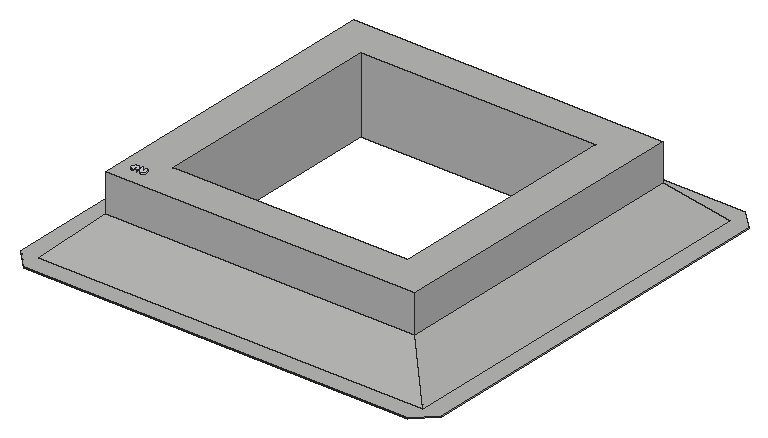
Revit family "NLRS_57_DUA_UN_roof-curb-for-bdhn-and-bdvn_LT_sacs", category Duct Accessories, Revit 2022
Family settings
  Round Connector Dimension = Use Diameter
  Part Type = Attaches To
  Work Plane-Based = No
  Always vertical = Yes
  Cut with Voids When Loaded = No
  Shared = Yes
Parameters (values of type "BDOEAR")
  Type Comments = "Insulated"
  SACS_Y_Offset2 [instance] = NLRS_M_c01_hoogte + 525 mm  # 1125 mm
  SACS_Y_Offset [instance] = NLRS_M_c01_hoogte + 27 mm  # 627 mm
  SACS_X_Offset2 [instance] = NLRS_M_c01_breedte + 525 mm  # 1125 mm
  SACS_X_Offset [instance] = NLRS_M_c01_breedte + 27 mm  # 627 mm
  SACS_Width [instance] = 600 mm
  SACS_Warning_Text_Size [instance] = if(SACS_Warning_Size, "Invalid size: sizes adjusted!", " ")  # " "
  SACS_Warning_Size [instance] = not(and(SACS_Width = NLRS_M_c01_breedte, SACS_Length = NLRS_M_c01_hoogte))  # no
  SACS_Warning_Sign [instance] = if(and(not(SACS_Disable_Warning), SACS_Warning_Size), 1 = 1, 1 = 0)  # no
  SACS_Type_Mark [instance] = ""
  SACS_Product_Cost [instance] = size_lookup(SACS_Data_Hidden, "Product_Cost", 0, SACS_Base_Index * 1 mm, SACS_Index1, SACS_Index2)  # 0
  SACS_Price_Date [instance] = size_lookup(SACS_Data_Hidden, "Date", "NB", SACS_Base_Index * 1 mm, SACS_Index1, SACS_Index2)  # "10-07-2025"
  SACS_Model [instance] = size_lookup(SACS_Data_Hidden, "Model", "NB", SACS_Base_Index * 1 mm, SACS_Index1, SACS_Index2)  # "BDOEAR 600x600"
  SACS_Material = "Seawater proof aluminium"  # constant formula
  SACS_Length [instance] = 600 mm
  SACS_Index2 [instance] = if(NLRS_M_c01_breedte > NLRS_M_c01_hoogte, NLRS_M_c01_breedte, NLRS_M_c01_hoogte)  # 600 mm
  SACS_Index1 [instance] = if(NLRS_M_c01_breedte > NLRS_M_c01_hoogte, NLRS_M_c01_hoogte, NLRS_M_c01_breedte)  # 600 mm
  SACS_Gross_Cost [instance] = SACS_Product_Cost  # 0
  SACS_Frame_2 = not(SACS_Frame_1)  # yes
  SACS_Frame_1 = if(or(SACS_Base_Index = 1, SACS_Base_Index = 3), 1 = 1, 1 = 0)  # no
  SACS_Disable_Warning [instance] = no
  SACS_Data_Hidden = "BDOEA"  # constant formula
  SACS_Base_Index = 4
  SACS_Article_Code [instance] = size_lookup(SACS_Data_Hidden, "Article", "NB", SACS_Base_Index * 1 mm, SACS_Index1, SACS_Index2)  # "NB"
  NLRS_M_c01_hoogte [instance] = if(roundup(SACS_Length / 50 mm) * 50 mm < 600 mm, 600 mm, if(roundup(SACS_Length / 50 mm) * 50 mm > 2400 mm, 2400 mm, roundup(SACS_Length / 50 mm) * 50 mm))  # 600 mm
  NLRS_M_c01_breedte [instance] = if(roundup(SACS_Width / 50 mm) * 50 mm < 600 mm, 600 mm, if(roundup(SACS_Width / 50 mm) * 50 mm > 1800 mm, 1800 mm, roundup(SACS_Width / 50 mm) * 50 mm))  # 600 mm
  NLRS_C_model [instance] = SACS_Model  # "BDOEAR 600x600"
  NLRS_C_description = Description  # "Aluminum roof curb, insulated"
  NLRS_C_content_versie = "1.22.02"  # constant formula
  NLRS_C_content_provider = "Solid Air Climate Solutions"  # constant formula
  NLRS_C_content_datum_uitgifte = "23-07-2025"  # constant formula
  NLRS_C_content_creator = "J. Feeke"  # constant formula
  Model = "Solid Air roof curb, BDOE for BDHN and BDVN"  # constant formula
  Manufacturer = "Solid Air Climate Solutions"  # constant formula
  Description = "Aluminum roof curb, insulated"
  Default Elevation = 0 mm
  Assembly Code = "57.0"
Types (3, lengths in mm): name | SACS_Model | SACS_Frame_2 | SACS_Frame_1 | SACS_Base_Index | NLRS_C_model | NLRS_C_description | Description
  (no name) | "BDOEAR 600x600" | yes | no | 4 | "BDOEAR 600x600" | "Aluminum roof curb, insulated" | "Aluminum roof curb, insulated"
  BDOEAD | "BDOEAD 600x600" | no | yes | 3 | "BDOEAD 600x600" | "Aluminum roof curb, non-insulated" | "Aluminum roof curb, non-insulated"
  BDOEAR | "BDOEAR 600x600" | yes | no | 4 | "BDOEAR 600x600" | "Aluminum roof curb, insulated" | "Aluminum roof curb, insulated"
Reference planes
  plane 1 "Center (Front/Back)": y = 0
  plane 2: z = 0
  plane 3 "Center (Left/Right)": x = 0
  plane 4: y = 313.5
  plane 5: y = -313.5
  plane 6: x = -313.5
  plane 7: x = 313.5
  plane 8: y = 562.5
  plane 9: y = -562.5
  plane 10: x = 562.5
  plane 11: x = -562.5
  plane 12: x = -512.5
  plane 13: y = -512.5
  plane 14: x = 512.5
  plane 15: y = 512.5
  plane 16: z = 200
Forms (mm)
  Sweep 1, solid, material "NLRS_57_aluminium_gen_sacs", visible <- "SACS_Frame_2"
    path in 3D
      loop
        line (-313.5, 313.5, 0) -> (313.5, 313.5, 0) -> (313.5, -313.5, 0) -> (-313.5, -313.5, 0) -> (-313.5, 313.5, 0)
    profile "Profile_BDOEAR : Profile_BDOEAR" origin (-313.5, 0, 0) x (-1, 0, 0) y (0, 0, 1)
      loop
        line (0, 200) -> (0, 0) -> (249, 0) -> (249, 2) -> (199, 2) -> (100, 100) -> (100, 200) -> (0, 200)
  Sweep 2, solid, material "NLRS_57_aluminium_gen_sacs", visible <- "SACS_Frame_1"
    path in 3D
      loop
        line (-313.5, 313.5, 0) -> (313.5, 313.5, 0) -> (313.5, -313.5, 0) -> (-313.5, -313.5, 0) -> (-313.5, 313.5, 0)
    profile "Profile_BDOEAD : Profile_BDOEAD" origin (-313.5, 0, 0) x (-1, 0, 0) y (0, 0, 1)
      loop
        line (0, 200) -> (0, 0) -> (40, 0) -> (40, 2) -> (2, 2) -> (2, 198) -> (98, 198) -> (98, 99.166) -> (198.178, 0) -> (249, 0) -> (249, 2) -> (199, 2) -> (100, 100) -> (100, 200) -> (0, 200)
  Extrusion 3, void
    sketch origin (0, 0, 0) x (1, 0, 0) y (0, 1, 0)
      loop
        line (-512.5, 562.5) -> (-562.5, 562.5) -> (-562.5, 512.5) -> (-512.5, 562.5)
      loop
        line (512.5, 562.5) -> (562.5, 512.5) -> (562.5, 562.5) -> (512.5, 562.5)
      loop
        line (562.5, -512.5) -> (512.5, -562.5) -> (562.5, -562.5) -> (562.5, -512.5)
      loop
        line (-562.5, -512.5) -> (-562.5, -562.5) -> (-512.5, -562.5) -> (-562.5, -512.5)
    from 0 to 2
Cuts and joins
  Extrusion 3 cuts Sweep 1
  Extrusion 3 cuts Sweep 2
Lines and regions (mm)
  model lines, not visible
    curve 1: line (-313.5, 313.5, 0) -> (313.5, 313.5, 0)
    curve 2: line (-313.5, -313.5, 0) -> (-313.5, 313.5, 0)
    curve 3: line (313.5, -313.5, 0) -> (-313.5, -313.5, 0)
    curve 4: line (313.5, 313.5, 0) -> (313.5, -313.5, 0)
  sketch lines
    curve 5: line (-313.5, -313.5, 0) -> (-313.5, 313.5, 0)
    curve 6: line (-313.5, 313.5, 0) -> (313.5, 313.5, 0)
    curve 7: line (313.5, 313.5, 0) -> (313.5, -313.5, 0)
    curve 8: line (313.5, -313.5, 0) -> (-313.5, -313.5, 0)
    curve 9: line (-313.5, -313.5, 0) -> (-313.5, 313.5, 0)
    curve 10: line (313.5, -313.5, 0) -> (-313.5, -313.5, 0)
    curve 11: line (313.5, 313.5, 0) -> (313.5, -313.5, 0)
    curve 12: line (-313.5, 313.5, 0) -> (313.5, 313.5, 0)
Dimensions and locks
  equal spacing: plane 6, plane 3 "Center (Left/Right)", plane 7
  equal spacing: plane 4, plane 1 "Center (Front/Back)", plane 5
  "SACS_Y_Offset": plane 4 to plane 5
  "SACS_X_Offset": plane 6 to plane 7
  equal spacing: plane 8, plane 1 "Center (Front/Back)", plane 9
  "SACS_Y_Offset2": plane 8 to plane 9
  equal spacing: plane 11, plane 3 "Center (Left/Right)", plane 10
  "SACS_X_Offset2": plane 11 to plane 10
  locked: plane 13 to plane 9 at 50
  locked: plane 11 to plane 12 at 50
  locked: plane 8 to plane 15 at 50
  locked: plane 14 to plane 10 at 50
  locked: plane 5 to nested 1 at 50
  locked: nested 1 to plane 6 at 50
  plane 16 to level = 200 mm
  aligned and locked: level to plane 2
  aligned and locked: curve 1 to plane 4
  aligned and locked: plane 6 to curve 2
  aligned and locked: plane 5 to curve 3
  aligned and locked: curve 4 to plane 7
  aligned and locked: plane 1 "Center (Front/Back)" to nested 2
  aligned and locked: plane 3 "Center (Left/Right)" to nested 2
Automatic sketch dimensions
  Extrusion 3 sketch curve to plane 11 = 0 mm  (x2)
  Extrusion 3 sketch curve to plane 8 = 0 mm  (x2)
  Extrusion 3 sketch curve to plane 9 = 0 mm  (x2)
  Extrusion 3 sketch curve to plane 12 = 0 mm  (x2)
  Extrusion 3 sketch curve to plane 14 = 0 mm  (x2)
  Extrusion 3 sketch curve to plane 10 = 0 mm  (x2)
  Extrusion 3 sketch curve to plane 13 = 0 mm  (x2)
  Extrusion 3 sketch curve to plane 15 = 0 mm  (x2)
Nested families
  nested 1: "logo_SACS" at (-363.5, -363.5, 200), type "logo_SACS"
    with t 10 mm
  nested 2: "Warning_R22" at (0, 0, 0), visible <- "SACS_Warning_Sign", type "Warning_R22"
Definition of nested family "logo_SACS"
  Parameters (values of type "logo_SACS")
    t = 5 mm
    Model = "LOD 400"
    Description = "Model type"
    Default Elevation = 1219.2 mm
  Reference planes
    plane 1 "Center (Front/Back)": y = 0
    plane 2: z = 0
    plane 3 "Center (Left/Right)": x = 0
    plane 4: z = 2
    plane 5: x = -10
    plane 6: y = -5
    plane 7: y = 5
    plane 8: x = -5
    plane 9: x = 5
    plane 10: x = 10
  Forms (mm)
    Extrusion 1, solid
      sketch origin (-547.644, -297.937, 0) x (1, 0, 0) y (0, 1, 0)
        loop
          arc (542.644, 302.937) -> (537.644, 297.937) -> (542.644, 292.937) r 5
          line (542.644, 292.937) -> (542.644, 297.937) -> (547.644, 292.937) -> (547.644, 297.937) -> (542.644, 302.937)
      from 0 to 2
    Extrusion 2, solid
      sketch origin (0, 0, 0) x (1, 0, 0) y (0, 1, 0)
        loop
          arc (5, -5) -> (10, 0) -> (5, 5) r 5
          line (5, 5) -> (5, 0) -> (0, 5) -> (0, 0) -> (5, -5)
      from 0 to 2
  Dimensions and locks
    "t": plane 7 to plane 1 "Center (Front/Back)"
    "t": plane 6 to plane 1 "Center (Front/Back)"
    "t": plane 5 to plane 8
    "t": plane 8 to plane 3 "Center (Left/Right)"
    "t": plane 3 "Center (Left/Right)" to plane 9
    "t": plane 9 to plane 10
    aligned and locked: level to plane 2
    aligned and locked: plane 4 to Extrusion 1
  Automatic sketch dimensions
    plane 1 "Center (Front/Back)" to Extrusion 1 sketch curve = 0 mm  (x3)
    Extrusion 1 sketch curve to plane 8 = 0 mm
    Extrusion 1 sketch curve to plane 7 = 0 mm
    Extrusion 1 sketch curve to plane 3 "Center (Left/Right)" = 0 mm
    Extrusion 1 sketch curve to plane 6 = 0 mm
    Extrusion 2 sketch curve to plane 3 "Center (Left/Right)" = 0 mm
    plane 1 "Center (Front/Back)" to Extrusion 2 sketch curve = 0 mm  (x3)
    Extrusion 2 sketch curve to plane 6 = 0 mm
    Extrusion 2 sketch curve to plane 9 = 0 mm
    Extrusion 2 sketch curve to plane 7 = 0 mm
Definition of nested family "Warning_R22"
  Parameters (values of type "Warning_R22")
    TW = 51.6 mm * Scale  # 51.6 mm
    TH = 75 mm * Scale  # 75 mm
    Scale = 1
    CO = 50 mm * Scale  # 50 mm
    CD = 50 mm * Scale  # 50 mm
    BW = 40 mm * Scale  # 40 mm
    BH = 12 mm * Scale  # 12 mm
  Reference planes
    plane 1 "Center (Front/Back)": y = 0
    plane 2: z = 0
    plane 3 "Center (Left/Right)": x = 0
  Lines and regions (mm)
    Filled region 1, type "Solid Fill - Black", in view "Ref. Level"
      outline origin (0, 0, 0) x (1, 0, 0) y (0, 1, 0)
        loop
          line (-25.8, 75) -> (-20, -12) -> (20, -12) -> (25.8, 75) -> (-25.8, 75)
        loop
          circle (0, -50) r 25
  Dimensions and locks
    equal spacing: Filled region 1 sketch curve, plane 3 "Center (Left/Right)", Filled region 1 sketch curve  (x2)
    "TH": plane 1 "Center (Front/Back)" to Filled region 1 sketch curve
    "BH": Filled region 1 sketch curve to plane 1 "Center (Front/Back)"
    "CO": Filled region 1 sketch curve to plane 1 "Center (Front/Back)"
    "TW": Filled region 1 sketch curve to Filled region 1 sketch curve
    "BW": Filled region 1 sketch curve to Filled region 1 sketch curve
    "CD": diameter of Filled region 1 sketch curve
    aligned and locked: plane 3 "Center (Left/Right)" to Filled region 1 sketch curve
